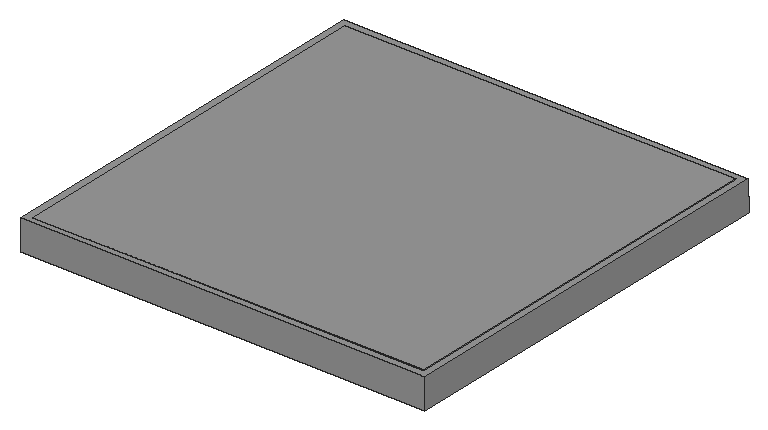
Revit family "ДВО-02 30 Вт 595", category Осветительные приборы, Revit 2019
Family settings
  Основа = Потолок
  Размер круглого соединителя = Использовать диаметр
  Тип детали = Нормальный
  Номер OmniClass = 23.80.70.11
  Заголовок OmniClass = Luminaries for Internal Lighting
  Всегда вертикально = Да
  При загрузке вырезать с полостями = Нет
  Источник света = Да
  Общий = Нет
  Точка расчета площади = Нет
Parameters (values of type "ДВО-02-О-30-4К-IP40-Армстронг")
  Эффективность светильника = "123"
  Частота сети = "50 / 60 Гц"
  Цвет корпуса = "Белый"
  Файл фотометрической сетки = "INNOLUX 14 768 DVO-02-O-30-4K-IP40.ies"
  Угол наклона = 90.00°
  Типоразмер светодиода = "2835"
  Тип рассеивателя = "опал"
  Тип кривой силы света по ГОСТ 54350-2011 = "Д"
  Степень защиты (IP) = "40"
  Срок службы = "80000"
  Способ монтажа = "Встраиваемый / Накладной"
  Сила тока = "0.14 А"
  Световой поток модуля = "500"
  Пусковой ток = "26 А"
  Потребляемый ток = "0"
  Полная установленная мощность = 30 VA
  Объём упаковки = "0.22*0.61*0.61 м"
  Напряжение = "176-264 В"
  Wattage = 24.9088 W
  built-in parameter 1150110 = 1 (stored number, unit not read)
  built-in parameter 1114217 = 0.8 (stored number, unit not read)
  built-in parameter 1150109 = 1 (stored number, unit not read)
  built-in parameter 1150134 = 12
  built-in parameter 1150113 = 1 (stored number, unit not read)
  Lumens = 3700 lm
  built-in parameter 1150115 = 1 (stored number, unit not read)
  built-in parameter 1150105 = 367.27 (stored number, unit not read)
  built-in parameter 1150137 = (empty or 0)
  Материал рассеивателя = Полистирол
  Материал корпуса = Металл, окрашенный, белый, матовый
  Коэффициент пульсации = "<5%"
  built-in parameter 1150139 = (empty or 0)
  built-in parameter 1150112 = 1 (stored number, unit not read)
  built-in parameter 1150114 = 1 (stored number, unit not read)
  built-in parameter 1150132 = 2
  Коэффициент мощности = ">0.95\r\n>0.95\r\n>0.95"
  Количество модулей = "10"
  Количество в упаковке = "4"
  Кол-во светодиодов = "180"
  Климатическое исполнение = "УХЛ 4"
  Класс светораспределения по ГОСТ 54350-2011 = "П"
  Класс защиты от поражения током = "I"
  Категория по ограничению яркости = "1"
  built-in parameter 1150102 = (empty or 0)
  built-in parameter 1150138 = (empty or 0)
  built-in parameter 1150107 = 4000 (stored number, unit not read)
  built-in parameter 1150106 = 3.6727 (stored number, unit not read)
  built-in parameter 1150104 = 13.8 (stored number, unit not read)
  Dimming Lamp Color Temperature Shift = (empty or 0)
  Color Filter = 16777215
  built-in parameter 1114218 = 1 (stored number, unit not read)
  built-in parameter 1150133 = 10 (stored number, unit not read)
  Индекс цветопередачи = ">80"
  Изготовитель = "INNOLUX"
  Диммирование = "нет"
  Диапазон рабочих температур = "- 20 + 40°C"
  Гарантия = "7 лет"
  Габаритная яркость = "<5000 кд / м16"
  Время импульса пускового тока = "200 мс"
  Вес светильника = "2.9 кг"
  Бренд светодиодов = "EDISON"
  Блок аварийного питания = "нет"
  Артикул = "14768"
  URL = "http://innolux.pro/katalog/administrativno-ofisnoe-osveshhenie/dvo-02-30-vt-595/14768.html"
  ADSK_Размер_Ширина = 595 mm
  ADSK_Размер_Длина = 595 mm
  ADSK_Размер_Высота = 45 mm
Types (3, lengths in mm): name | Файл фотометрической сетки | built-in parameter 1150134 | built-in parameter 1150107 | Диапазон рабочих температур | Габаритная яркость | Артикул | URL
  ДВО-02-О-30-3К-IP40-Армстронг | "INNOLUX 14 766 DVO-02-O-30-3K-IP40.ies" | (empty or 0) | 3000 (stored number, unit not read) | "- 20 + 40°C" | "<5000 кд / м14" | "14766" | "http://innolux.pro/katalog/administrativno-ofisnoe-osveshhenie/dvo-02-30-vt-595/14766.html"
  ДВО-02-О-30-4К-IP40-Армстронг | "INNOLUX 14 768 DVO-02-O-30-4K-IP40.ies" | 12 | 4000 (stored number, unit not read) | "- 20 + 40°C" | "<5000 кд / м16" | "14768" | "http://innolux.pro/katalog/administrativno-ofisnoe-osveshhenie/dvo-02-30-vt-595/14768.html"
  ДВО-02-О-30-5К-IP40-Армстронг | "INNOLUX 14 770 DVO-02-O-30-5K-IP40.ies" | 2 | 5000 (stored number, unit not read) | "-20 + 40°C" | "<5000 кд / м18" | "14770" | "http://innolux.pro/katalog/administrativno-ofisnoe-osveshhenie/dvo-02-30-vt-595/14770.html"
Reference planes
  plane 1 "Ось источника света (В/Н)": y = 0
  plane 2: z = 0
  plane 3 "Ось источника света (Л/П)": x = 0
  plane 4 "Потолок": z = 4000
  plane 5 "Отметка источника света 1": z = 3955
  plane 6: x = -297.5
  plane 7: x = 297.5
  plane 8: y = 297.5
  plane 9: y = -297.5
Forms (mm)
  Extrusion 1, solid, material "Металл, окрашенный, белый, матовый" <- "Материал корпуса"
    sketch origin (0, 0, 3955) x (-1, 0, 0) y (0, -1, 0)
      loop
        line (297.5, -297.5) -> (297.5, 297.5) -> (-297.5, 297.5) -> (-297.5, -297.5) -> (297.5, -297.5)
    from 0 to 45
  Extrusion 2, void
    sketch origin (0, 0, 3955) x (-1, 0, 0) y (0, -1, 0)
      loop
        line (286.893, -286.893) -> (286.893, 286.893) -> (-286.893, 286.893) -> (-286.893, -286.893) -> (286.893, -286.893)
    from 0 to 27.018
  Extrusion 3, solid, material "Полистирол" <- "Материал рассеивателя"
    sketch origin (0, 0, 3955) x (-1, 0, 0) y (0, -1, 0)
      loop
        line (286.893, -286.893) -> (286.893, 286.893) -> (-286.893, 286.893) -> (-286.893, -286.893) -> (286.893, -286.893)
    from 9.146 to 45
Cuts and joins
  Extrusion 2 cuts Extrusion 1
Dimensions and locks
  equal spacing: host sketch curve, plane 3 "Ось источника света (Л/П)", host sketch curve
  equal spacing: host sketch curve, plane 1 "Ось источника света (В/Н)", host sketch curve
  host sketch curve to host sketch curve = 4000 mm  (x2)
  plane 4 "Потолок" to host ceiling = 0 mm
  equal spacing: plane 6, plane 3 "Ось источника света (Л/П)", plane 7
  equal spacing: plane 8, plane 1 "Ось источника света (В/Н)", plane 9
  "ADSK_Размер_Длина": plane 6 to plane 7
  "ADSK_Размер_Ширина": plane 8 to plane 9
  "ADSK_Размер_Высота": plane 5 "Отметка источника света 1" to plane 4 "Потолок"
  aligned and locked: plane 3 "Ось источника света (Л/П)" to imposter light
  aligned and locked: plane 1 "Ось источника света (В/Н)" to imposter light
  aligned and locked: plane 5 "Отметка источника света 1" to imposter light
  aligned and locked: plane 5 "Отметка источника света 1" to Extrusion 1
  aligned and locked: Extrusion 3 to cut or joined group of Extrusion 1, Extrusion 2
  aligned and locked: cut or joined group of Extrusion 1, Extrusion 2 to Extrusion 3  (x2)
  aligned and locked: host ceiling to Extrusion 3
  aligned and locked: host ceiling to Extrusion 1
  aligned and locked: Extrusion 1 to plane 6
  aligned and locked: plane 7 to Extrusion 1
  aligned and locked: Extrusion 1 to imposter light
  aligned and locked: Extrusion 1 to plane 4 "Потолок"
  aligned and locked: Extrusion 1 to Extrusion 3
  aligned and locked: Extrusion 3 to plane 4 "Потолок"
Automatic sketch dimensions
  Extrusion 1 sketch curve to plane 7 = 0 mm
  Extrusion 1 sketch curve to plane 6 = 0 mm
  Extrusion 1 sketch curve to plane 8 = 0 mm
  Extrusion 1 sketch curve to plane 9 = 0 mm
  Extrusion 2 sketch curve to plane 7 = 10.607 mm
  plane 6 to Extrusion 2 sketch curve = 10.607 mm
  Extrusion 2 sketch curve to plane 8 = 10.607 mm
  plane 9 to Extrusion 2 sketch curve = 10.607 mm
  Extrusion 3 sketch curve to plane 7 = 10.607 mm
  plane 6 to Extrusion 3 sketch curve = 10.607 mm
  Extrusion 3 sketch curve to plane 8 = 10.607 mm
  plane 9 to Extrusion 3 sketch curve = 10.607 mm
Connectors
  electrical at (0, 0, 4000)
    settings: on cut or joined group of Extrusion 1, Extrusion 2, index 1, voltage 0 V, apparent load 0 VA, apparent load phase1 0 VA, apparent load phase2 0 VA, apparent load phase3 0 VA, power factor 1, load classification "Прочее", number of poles 1, system type 31, power factor state 1, is connector primary yes, connector utility no, sub classification motor no, connector description ""
